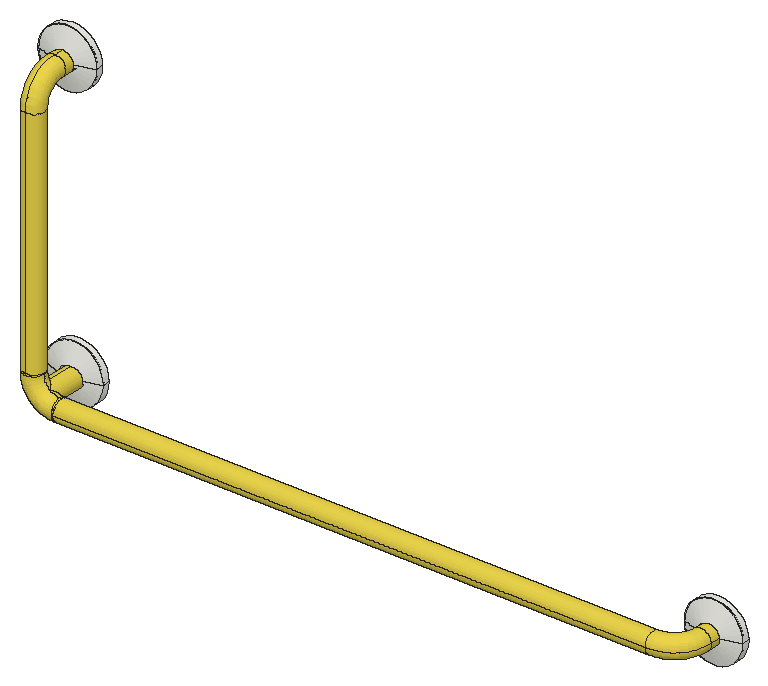
Revit family "Animo L-Shaped Handrail_", category Casework, Revit 2012
Parameters (values of type "1628 K")
  Width = 990 mm
  Installation Height = 850 mm
  Height = 440 mm
  Handrail Color = RAL 1004 - Yellow
Types (12, lengths in mm): name | Width | Height | Handrail Color
  1624 | 590 | 440 | RAL 9010 - White
  1624 P | 590 | 440 | RAL 3003 - Red
  1624 K | 590 | 440 | RAL 1004 - Yellow
  1624 H | 590 | 440 | RAL 7037 - Grey
  1628 | 990 | 440 | RAL 9010 - White
  1628 H | 990 | 440 | RAL 7037 - Grey
  1628 K | 990 | 440 | RAL 1004 - Yellow
  1628 P | 990 | 440 | RAL 3003 - Red
  1636 | 590 | 790 | RAL 9010 - White
  1636 H | 590 | 790 | RAL 7037 - Grey
  1636 P | 590 | 790 | RAL 3003 - Red
  1636 K | 590 | 790 | RAL 1004 - Yellow
Reference planes
  plane 1 "Center (Front/Back)": y = 0
  plane 2: z = 0
  plane 3 "Center (Left/Right)": x = 0
  plane 4: z = 850
  plane 5: x = 990
  plane 6: z = 1290
  plane 7: y = -10
Forms (mm)
  Extrusion 1, solid, material "RAL 9010 - White"
    sketch origin (0, 0, 0) x (1, 0, 0) y (0, 0, 1)
      loop
        circle (990, 850) r 45
      loop
        circle (10, 860) r 45
      loop
        circle (0, 1290) r 45
    from 0 to 10
  Sweep 2, solid, material "RAL 1004 - Yellow" <- "Handrail Color"
    path origin (0, 0, 850) x (1, 0, 0) y (0, 1, 0)
      loop
        line (990, -10) -> (990, -35)
        arc (990, -35) -> (978.284, -63.284) -> (950, -75) r 40
        line (950, -75) -> (42.632, -75)
    profile "Pipe 32mm : Pipe 32mm" origin (990, -22.5, 850) x (1, 0, 0) y (0, 0, 1)
      loop
        circle (0, 0) r 16
  Sweep 3, solid, material "RAL 1004 - Yellow" <- "Handrail Color"
    path origin (0, 0, 0) x (0, 1, 0) y (0, 0, 1)
      loop
        line (-10, 1290) -> (-35, 1290)
        arc (-35, 1290) -> (-63.284, 1278.284) -> (-75, 1250) r 40
        line (-75, 1250) -> (-75, 892.369)
    profile "Pipe 32mm : Pipe 32mm" origin (0, -22.5, 1290) x (0, 0, -1) y (1, 0, 0)
      loop
        circle (0, 0) r 16
  Sweep 4, solid, material "RAL 1004 - Yellow" <- "Handrail Color"
    path origin (0, -75, 0) x (1, 0, 0) y (0, 0, 1)
      loop
        line (0, 892.369) -> (0, 890)
        arc (0, 890) -> (11.716, 861.716) -> (40, 850) r 40
        line (40, 850) -> (42.632, 850)
    profile "Pipe 32mm : Pipe 32mm" origin (0, -75, 891.185) x (1, 0, 0) y (0, -1, 0)
      loop
        circle (0, 0) r 16
  Sweep 5, solid, material "RAL 1004 - Yellow" <- "Handrail Color"
    path origin (13.463, 0, 0) x (0, 1, 0) y (0, 0, 1)
      loop
        line (-10, 860) -> (-75, 860)
    profile "Pipe 32mm : Pipe 32mm" origin (13.463, -42.5, 860) x (0, 0, -1) y (1, 0, 0)
      loop
        circle (0, 0) r 16
  Revolve 6, solid, material "RAL 9010 - White", detail levels fine
    sketch origin (0, 0, 850) x (1, 0, 0) y (0, 1, 0)
      loop
        line (1006, -10) -> (1006, -20) -> (1035, -10) -> (1006, -10)
      axis (990, -10) -> (990, -20)
    angle from 0 to 360
  Revolve 7, solid, material "RAL 9010 - White", detail levels fine
    sketch origin (-992.15, -1524, 1290) x (-1, 0, 0) y (0, -1, 0)
      loop
        line (-1008.15, -1514) -> (-1008.15, -1504) -> (-1037.15, -1514) -> (-1008.15, -1514)
      axis (-992.15, -1514) -> (-992.15, -1504)
    angle from 0 to 360
  Revolve 8, solid, material "RAL 9010 - White", detail levels fine
    sketch origin (-580, 0, 860) x (1, 0, 0) y (0, 1, 0)
      loop
        line (606, -10) -> (606, -20) -> (635, -10) -> (606, -10)
      axis (590, -10) -> (590, -20)
    angle from 0 to 360
Cuts and joins
  joined: Sweep 2, Sweep 3, Sweep 4
Dimensions and locks
  plane 7 to plane 1 "Center (Front/Back)" = 10 mm
  "Width": plane 5 to plane 3 "Center (Left/Right)"
  "Installation Height": plane 4 to level
  "Height": plane 6 to plane 4
  Extrusion 1 sketch curve to plane 4 = 10 mm
  Extrusion 1 sketch curve to plane 3 "Center (Left/Right)" = 10 mm
  aligned and locked: level to plane 2
  aligned and locked: Extrusion 1 to plane 1 "Center (Front/Back)"
  aligned and locked: plane 7 to Extrusion 1
Automatic sketch dimensions
  Extrusion 1 sketch curve to plane 3 "Center (Left/Right)" = 0 mm
  Extrusion 1 sketch curve to plane 4 = 0 mm
  Extrusion 1 sketch curve to plane 5 = 0 mm
  Extrusion 1 sketch curve to plane 6 = 0 mm
  Sweep 2 sketch curve to plane 5 = 0 mm
  plane 7 to Sweep 2 sketch curve = 0 mm
  Sweep 2 sketch curve to plane 5 = 40 mm
  plane 3 "Center (Left/Right)" to Sweep 2 sketch curve = 42.632 mm
  Sweep 2 sketch curve to Sweep 2 sketch curve = 25 mm
  Sweep 3 sketch curve to plane 6 = 0 mm
  Sweep 3 sketch curve to plane 7 = 0 mm
  plane 7 to Sweep 3 sketch curve = 25 mm
  Sweep 3 sketch curve to plane 6 = 40 mm
  plane 4 to Sweep 3 sketch curve = 42.369 mm
  Sweep 4 sketch curve to plane 3 "Center (Left/Right)" = 0 mm
  Sweep 4 sketch curve to plane 4 = 0 mm
  Sweep 4 sketch curve to Sweep 4 sketch curve = 40 mm
  Sweep 4 sketch curve to Sweep 4 sketch curve = 2.632 mm
  Sweep 4 sketch curve to Sweep 4 sketch curve = 2.369 mm
  Sweep 5 sketch curve to plane 7 = 0 mm
  plane 4 to Sweep 5 sketch curve = 10 mm
  plane 7 to Sweep 5 sketch curve = 65 mm
  Revolve 6 sketch curve to plane 5 = 0 mm
  plane 7 to Revolve 6 sketch curve = 0 mm  (x2)
  plane 5 to Revolve 6 sketch curve = 16 mm
  Revolve 6 sketch curve to Revolve 6 sketch curve = 29 mm
  plane 7 to Revolve 6 sketch curve = 10 mm
  Revolve 6 sketch curve to Revolve 6 sketch curve = 20 mm
  plane 3 "Center (Left/Right)" to Revolve 8 sketch curve = 10 mm
  Revolve 8 sketch curve to Revolve 8 sketch curve = 16 mm
  Revolve 8 sketch curve to Revolve 8 sketch curve = 29 mm
  plane 7 to Revolve 8 sketch curve = 30 mm
  Revolve 8 sketch curve to Revolve 8 sketch curve = 20 mm
  Revolve 8 sketch curve to Revolve 8 sketch curve = 10 mm
  Revolve 8 sketch curve to Revolve 8 sketch curve = 0 mm
  plane 7 to Revolve 7 sketch curve = 0 mm  (x2)
  Revolve 7 sketch curve to plane 3 "Center (Left/Right)" = 0 mm
  Revolve 7 sketch curve to Revolve 7 sketch curve = 16 mm
  Revolve 7 sketch curve to Revolve 7 sketch curve = 29 mm
  plane 7 to Revolve 7 sketch curve = 10 mm
  Revolve 7 sketch curve to Revolve 7 sketch curve = 20 mm
  radius of Extrusion 1 sketch curve = 45 mm  (x3)
